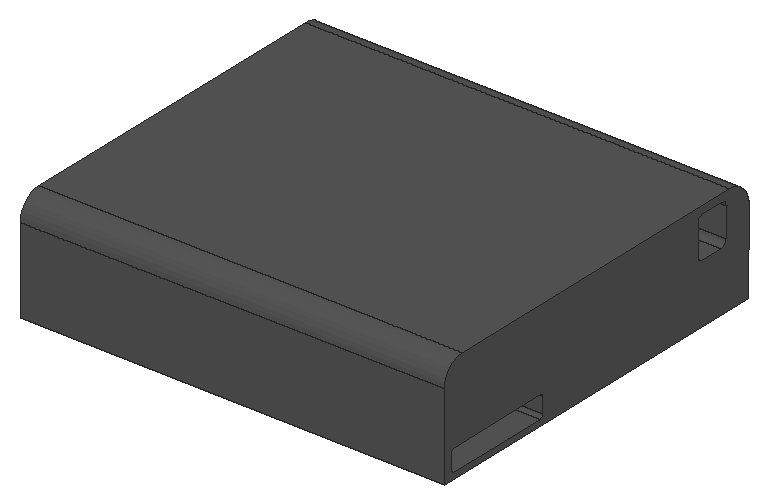
Revit family "Electronics_Desono_Biamp_Ultra-Compact-Passive-Subwoofer_Sublime", category Communication Devices, host Face, Revit 2020
Family settings
  Host = Face
  Maintain Annotation Orientation = No
  Round Connector Dimension = Use Diameter
  Part Type = Normal
  OmniClass Number = 23.85.10.11.14.14.14
  OmniClass Title = Loudspeakers
  Cut with Voids When Loaded = No
  Shared = No
  Room Calculation Point = No
Parameters (values of type "SUBLIME B")
  Width = 0' - 4.72441"  # constant formula
  Weight = 17.637 lbf  # constant formula
  URL = "https://www.biamp.com/"
  Transducers = "1 x 6.5 (165 mm) dual voice coil (treated paper cone)"  # constant formula
  Shipping Weight = 23.60 lbf  # constant formula
  Recommended Amplifers = "40W - 80W @ 8Ω (19V - 27V) per input"  # constant formula
  Protection = "3-step self-resetting protection"  # constant formula
  Product data url = "https://www.bimobject.com/biamp/product/sublime_desono-subwoofer"
  Product Page URL = "https://www.biamp.com/products/product-families/desono/desono-subwoofers#sublime"
  Product Documentation Link = "https://downloads.biamp.com/assets/docs/default-source/data-sheets/biamp_data_sheet_desono_sublime_apr21.pdf"
  Output Connection = "(4x) 5-way binding posts"  # constant formula
  Operating Range (-3dB) = "50 Hz to 200 Hz"  # constant formula
  Operating Mode = "Passive"  # constant formula
  Operating Environment = "Indoor"  # constant formula
  Nominal Sensitivity @ 1m = "1W - 85dB; 2.83V - 85dB"  # constant formula
  Nominal Maximum SPL @ 1m = "Peak - 107dB; Continuous - 101dB"  # constant formula
  Nominal Beamwidth  (H x V) = "Omnidirectional"  # constant formula
  Mounting Provisions = "Wall mount bracket"  # constant formula
  Model = "SUBLIME B"
  Manufacturer = "Biamp"  # constant formula
  Input Connection = "(4x) 5-way binding posts"  # constant formula
  Housing Material = Biamp - Plastic - Black
  Height = 1' - 4.53543"  # constant formula
  Environmental = "IP20 per IEC 60529"  # constant formula
  Description = "Desono™ Sublime Ultra Compact Passive 6.5 Subwoofer"  # constant formula
  Depth = 1' - 6.50394"  # constant formula
  Default Elevation = 4' - 0"
  Continuous Power Handling Nominal Impedance = "18V;2 x 40W @ 8Ω (160W peak)"  # constant formula
  Connector Description = "5-way binding posts; 18V 2 x 40W 8Ω (160W peak)"  # constant formula
Types (3): name | Model | Housing Material
  (no name) | "SUBLIME B" | Biamp - Plastic - Black
  SUBLIME B | "SUBLIME B" | Biamp - Plastic - Black
  SUBLIME W | "SUBLIME W" | Biamp - Plastic - White
Reference planes (in)
  plane 1 "Center (Front/Back)": y = 0
  plane 2: z = 0
  plane 3 "Center (Left/Right)": x = 0
Forms (in)
  Extrusion 1, solid, material "Biamp - Plastic - Black" <- "Housing Material", detail levels coarse
    sketch origin (0, 0, 0) x (0, 1, 0) y (0, 0, 1)
      loop
        line (8.26772, 0.43307) -> (8.26772, 5.15748) -> (-8.26772, 5.15748) -> (-8.26772, 0.43307) -> (8.26772, 0.43307)
    from -9.25197 to 9.25197
  Extrusion 2, solid, material "Biamp - Plastic - Black" <- "Housing Material", detail levels medium+fine
    sketch origin (0, 0, 0) x (0, 1, 0) y (0, 0, 1)
      loop
        line (8.26772, 0.43307) -> (8.26772, 4.17323)
        arc (8.26772, 4.17323) -> (7.97944, 4.8692) -> (7.28346, 5.15748) r 0.98425
        line (7.28346, 5.15748) -> (-7.28346, 5.15748)
        arc (-7.28346, 5.15748) -> (-7.97944, 4.8692) -> (-8.26772, 4.17323) r 0.98425
        line (-8.26772, 4.17323) -> (-8.26772, 0.43307) -> (8.26772, 0.43307)
    from -9.25197 to 9.25197
  Extrusion 3, void
    sketch origin (0, 8.26772, 0.43307) x (0, 1, 0) y (-1, 0, 0)
      loop
        line (-2.14299, 0.0732) -> (-2.14299, 7.75037) -> (-6.67055, 7.75037) -> (-6.67055, 0.0732) -> (-2.14299, 0.0732)
    from 0 to 0.03937
  Extrusion 4, void
    sketch origin (0, 8.26772, 0.47244) x (-1, 0, 0) y (0, 1, 0)
      loop
        line (0.7628, -3.0302) -> (0.7628, -5.78335)
        arc (0.7628, -5.78335) -> (0.83253, -5.9517) -> (1.00088, -6.02143) r 0.23808
        line (1.00088, -6.02143) -> (2.98412, -6.02143)
        arc (2.98412, -6.02143) -> (3.15246, -5.9517) -> (3.2222, -5.78335) r 0.23808
        line (3.2222, -5.78335) -> (3.2222, -3.0302)
        arc (3.2222, -3.0302) -> (3.15246, -2.86185) -> (2.98412, -2.79212) r 0.23808
        line (2.98412, -2.79212) -> (1.00088, -2.79212)
        arc (1.00088, -2.79212) -> (0.83253, -2.86185) -> (0.7628, -3.0302) r 0.23808
      loop
        arc (7.06078, -3.0302) -> (6.99105, -2.86185) -> (6.8227, -2.79212) r 0.23808
        line (6.8227, -2.79212) -> (4.83946, -2.79212)
        arc (4.83946, -2.79212) -> (4.67111, -2.86185) -> (4.60138, -3.0302) r 0.23808
        line (4.60138, -3.0302) -> (4.60138, -5.78335)
        arc (4.60138, -5.78335) -> (4.67111, -5.9517) -> (4.83946, -6.02143) r 0.23808
        line (4.83946, -6.02143) -> (6.8227, -6.02143)
        arc (6.8227, -6.02143) -> (6.99105, -5.9517) -> (7.06078, -5.78335) r 0.23808
        line (7.06078, -5.78335) -> (7.06078, -3.0302)
    from -0.59055 to 0
  Extrusion 5, solid, material "Biamp - Metal - Black"
    sketch origin (0, 0, 0) x (0, 1, 0) y (0, 0, 1)
      loop
        line (-2.95276, 0.43307) -> (-4.18307, 0.43307) -> (-4.94294, 0.07874) -> (-7.0803, 0.07874) -> (-7.0803, 0) -> (-4.92548, 0) -> (-4.16561, 0.35433) -> (-2.95276, 0.35433) -> (-2.95276, 0.43307)
    from 7.1568 to 8.76244
  Extrusion 6, solid, material "Biamp - Metal - Black"
    sketch origin (0, 0, 0) x (0, 1, 0) y (0, 0, -1)
      loop
        line (-2.95276, -0.43307) -> (-2.95276, -0.35433) -> (-4.16561, -0.35433) -> (-4.92548, 0) -> (-7.0803, 0) -> (-7.0803, -0.07874) -> (-4.94294, -0.07874) -> (-4.18307, -0.43307) -> (-2.95276, -0.43307)
    from 7.1568 to 8.76244
  Extrusion 7, solid, material "Biamp - Metal - Black"
    sketch origin (9.01816, 10.40084, 0) x (0, 1, 0) y (0, 0, -1)
      loop
        line (-2.95276, -0.43307) -> (-2.95276, -0.35433) -> (-4.16561, -0.35433) -> (-4.92548, 0) -> (-7.0803, 0) -> (-7.0803, -0.07874) -> (-4.94294, -0.07874) -> (-4.18307, -0.43307) -> (-2.95276, -0.43307)
    from 7.1568 to 8.76244
  Extrusion 8, solid, material "Biamp - Plastic - Black" <- "Housing Material"
    sketch origin (-9.25197, -0.54583, 0) x (0, 1, 0) y (0, 0, -1)
      loop
        line (4.20992, -1.06299) -> (4.20992, -0.47244) -> (3.61937, -1.06299) -> (4.20992, -1.06299)
      loop
        line (5.82458, -1.06299) -> (5.82458, -0.47244) -> (5.23403, -1.06299) -> (5.82458, -1.06299)
    from -8.48917 to -6.02977
  Extrusion 9, solid, material "Biamp - Plastic - Black" <- "Housing Material"
    sketch origin (-9.25197, -0.54583, 0) x (0, 1, 0) y (0, 0, -1)
      loop
        line (4.20992, -1.06299) -> (4.20992, -0.47244) -> (3.61937, -1.06299) -> (4.20992, -1.06299)
      loop
        line (5.82458, -1.06299) -> (5.82458, -0.47244) -> (5.23403, -1.06299) -> (5.82458, -1.06299)
    from -4.65059 to -2.19119
  Extrusion 10, solid, material "Biamp - Metal - Black"
    sketch origin (-17.51969, 3.66409, 0.47244) x (0, -0.707107, 0.707107) y (-1, 0, 0)
      loop
        line (0.60735, -15.79474) -> (0.60735, -15.25952)
        arc (0.60735, -15.25952) -> (0.4105, -15.06267) -> (0.21365, -15.25952) r 0.19685
        line (0.21365, -15.25952) -> (0.21365, -15.79474)
        arc (0.21365, -15.79474) -> (0.4105, -15.99159) -> (0.60735, -15.79474) r 0.19685
    from 0 to 0.23622
  Extrusion 11, solid, material "Biamp - Metal - Black"
    sketch origin (-13.6811, 3.66409, 0.47244) x (0, -0.707107, 0.707107) y (-1, 0, 0)
      loop
        line (0.61214, -8.11764) -> (0.61214, -7.58241)
        arc (0.61214, -7.58241) -> (0.41529, -7.38556) -> (0.21844, -7.58241) r 0.19685
        line (0.21844, -7.58241) -> (0.21844, -8.11764)
        arc (0.21844, -8.11764) -> (0.41529, -8.31449) -> (0.61214, -8.11764) r 0.19685
    from 0 to 0.23622
  Extrusion 12, solid, material "Biamp - Metal - Black"
    sketch origin (-17.51969, 4.47142, -0.33489) x (0, -0.707107, 0.707107) y (-1, 0, 0)
      loop
        line (0.61214, -15.7948) -> (0.61214, -15.25958)
        arc (0.61214, -15.25958) -> (0.41529, -15.06273) -> (0.21844, -15.25958) r 0.19685
        line (0.21844, -15.25958) -> (0.21844, -15.7948)
        arc (0.21844, -15.7948) -> (0.41529, -15.99165) -> (0.61214, -15.7948) r 0.19685
    from -1.14173 to -0.90551
  Extrusion 13, solid, material "Biamp - Metal - Black"
    sketch origin (-13.6811, 4.47142, -0.33489) x (0, -0.707107, 0.707107) y (-1, 0, 0)
      loop
        line (0.61214, -8.11764) -> (0.61214, -7.58241)
        arc (0.61214, -7.58241) -> (0.41529, -7.38556) -> (0.21844, -7.58241) r 0.19685
        line (0.21844, -7.58241) -> (0.21844, -8.11764)
        arc (0.21844, -8.11764) -> (0.41529, -8.31449) -> (0.61214, -8.11764) r 0.19685
    from -1.14173 to -0.90551
  Extrusion 14, void
    sketch origin (9.25197, 0, 0) x (0, -1, 0) y (0, 0, 1)
      loop
        line (7.78674, 1.67107) -> (3.04252, 1.67107)
        arc (3.04252, 1.67107) -> (2.94513, 1.63073) -> (2.90479, 1.53333) r 0.13773
        line (2.90479, 1.53333) -> (2.90479, 0.82455)
        arc (2.90479, 0.82455) -> (2.94513, 0.72716) -> (3.04252, 0.68682) r 0.13773
        line (3.04252, 0.68682) -> (7.78674, 0.68682)
        arc (7.78674, 0.68682) -> (7.88413, 0.72716) -> (7.92447, 0.82455) r 0.13773
        line (7.92447, 0.82455) -> (7.92447, 1.53333)
        arc (7.92447, 1.53333) -> (7.88413, 1.63073) -> (7.78674, 1.67107) r 0.13773
      loop
        line (-5.75793, 4.85011) -> (-6.80731, 4.85011)
        arc (-6.80731, 4.85011) -> (-6.99308, 4.77316) -> (-7.07002, 4.5874) r 0.26271
        line (-7.07002, 4.5874) -> (-7.07002, 3.29195)
        arc (-7.07002, 3.29195) -> (-6.99308, 3.10619) -> (-6.80731, 3.02924) r 0.26271
        line (-6.80731, 3.02924) -> (-5.75793, 3.02924)
        arc (-5.75793, 3.02924) -> (-5.57217, 3.10619) -> (-5.49522, 3.29195) r 0.26271
        line (-5.49522, 3.29195) -> (-5.49522, 4.5874)
        arc (-5.49522, 4.5874) -> (-5.57217, 4.77316) -> (-5.75793, 4.85011) r 0.26271
    from 0 to 1.56472
Cuts and joins
  Extrusion 3, Extrusion 4, Extrusion 14 cuts Extrusion 1
  Extrusion 3, Extrusion 4, Extrusion 14 cuts Extrusion 2
Lines and regions (in)
  Masking region 1
    outline origin (0, 0, 0) x (1, 0, 0) y (0, 1, 0)
      loop
        line (-9.25197, 8.26772) -> (-9.25197, -8.26772) -> (9.25197, -8.26772) -> (9.25197, 8.26772) -> (-9.25197, 8.26772)
  Masking region 2
    outline origin (0, 0, 0) x (1, 0, 0) y (0, 0, 1)
      loop
        line (-9.25197, 5.15748) -> (-9.25197, 0.43307) -> (9.25197, 0.43307) -> (9.25197, 5.15748) -> (-9.25197, 5.15748)
  Masking region 3
    outline origin (0, 0, 0) x (1, 0, 0) y (0, 0, 1)
      loop
        line (-8.76244, 0.43307) -> (-8.76244, 0) -> (-7.1568, 0) -> (-7.1568, 0.43307) -> (-8.76244, 0.43307)
      loop
        line (0.25572, 0.43307) -> (0.25572, 0) -> (1.86136, 0) -> (1.86136, 0.43307) -> (0.25572, 0.43307)
      loop
        line (7.1568, 0.43307) -> (7.1568, 0) -> (8.76244, 0) -> (8.76244, 0.43307) -> (7.1568, 0.43307)
Dimensions and locks (in)
  aligned and locked: plane 2 to host face
  aligned and locked: level to host face
Connectors (in)
  electrical at (-1.99255, 3.20679, 0.59567), driven by "Connector Description"
    settings: on Extrusion 10, index 1, voltage 0 V, apparent load 0 VA, apparent load phase1 0 VA, apparent load phase2 0 VA, apparent load phase3 0 VA, power factor 1, load classification "Other", number of poles 1, system type 5, power factor state 1, is connector primary yes, connector utility no, sub classification motor no, connector description "5-way binding posts; 18V 2 x 40W 8Ω (160W peak)"
  electrical at (-5.83108, 3.2034, 0.59907)
    settings: on Extrusion 11, index 2, voltage 0 V, apparent load 0 VA, apparent load phase1 0 VA, apparent load phase2 0 VA, apparent load phase3 0 VA, power factor 1, load classification "Other", number of poles 1, system type 5, power factor state 1, is connector primary no, connector utility no, sub classification motor no, connector description "5-way binding posts; Left input"
  electrical at (-5.83108, 4.81806, 0.59907)
    settings: on Extrusion 13, index 3, voltage 0 V, apparent load 0 VA, apparent load phase1 0 VA, apparent load phase2 0 VA, apparent load phase3 0 VA, power factor 1, load classification "Other", number of poles 1, system type 5, power factor state 1, is connector primary no, connector utility no, sub classification motor no, connector description "5-way binding posts; Left output"
  electrical at (-1.9925, 4.81806, 0.59907)
    settings: on Extrusion 12, index 4, voltage 0 V, apparent load 0 VA, apparent load phase1 0 VA, apparent load phase2 0 VA, apparent load phase3 0 VA, power factor 1, load classification "Other", number of poles 1, system type 5, power factor state 1, is connector primary no, connector utility no, sub classification motor no, connector description "5-way binding posts; Right output"
